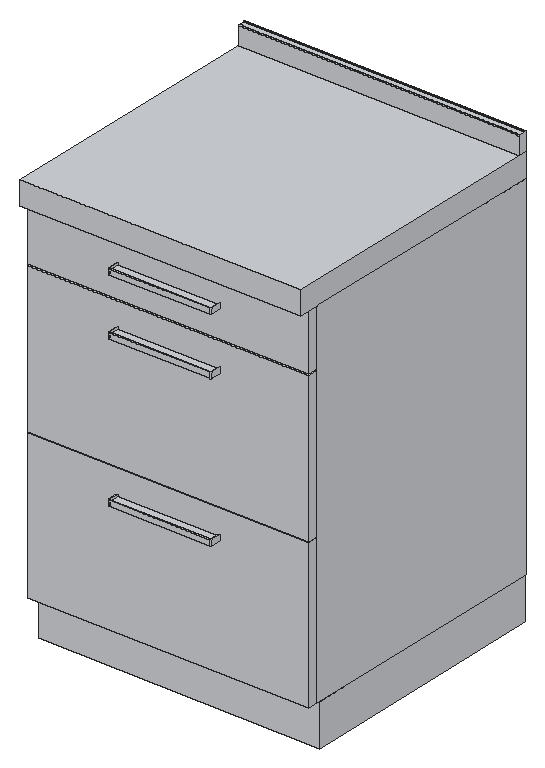
Revit family
Parameters (values of type "600 X 600 X 900mm")
  Top Material = none
  Material = none
  Handle Material = none
  Depth = 600 mm
  Height = 900 mm
  Width = 600 mm
  Assembly Code = ""
Types (4, lengths in mm): name | Width | Assembly Code
  (no name) | 600 | ""
  600 x 450 x 900mm | 450 | "C1030400"
  600 X 600 X 900mm | 600 | ""
  600 x 400 x 900mm | 400 | "C1030400"
Reference planes
  plane 1 "Back": y = 0
  plane 2: z = 0
  plane 3 "Center (Left/Right)": x = 44.7
  plane 4 "Front": y = -600
  plane 5 "Left": x = -255.3
  plane 6 "Right": x = 344.7
  plane 7 "Top": z = 900
  plane 8: z = 90
  plane 9: z = 850
  plane 10: z = 727
Forms (mm)
  Extrusion 1, solid
    sketch origin (0, 0, 0) x (1, 0, 0) y (0, 1, 0)
      loop
        line (-255.3, 0) -> (-255.3, -558) -> (-233.3, -558) -> (-233.3, -22) -> (322.7, -22) -> (322.7, -558) -> (344.7, -558) -> (344.7, 0) -> (-255.3, 0)
    from 90 to 850
  Extrusion 2, solid, material <- "Top Material"
    sketch origin (0, 0, 900) x (0, -1, 0) y (-1, 0, 0)
      loop
        line (0, 255.3) -> (0, -344.7) -> (600, -344.7) -> (600, 255.3) -> (0, 255.3)
    from 0 to 50
  Extrusion 3, solid, material <- "Material"
    sketch origin (0, 0, 900) x (0, -1, 0) y (-1, 0, 0)
      loop
        line (0.534, 255.3) -> (0.534, -344.7) -> (550.534, -344.7) -> (550.534, 255.3) -> (0.534, 255.3)
    from 810 to 900
  Sweep 4, solid, material <- "Top Material"
    path origin (0, 0, 900) x (0, -1, 0) y (1, 0, 0)
      loop
        line (0, 344.7) -> (0, -255.3)
    profile origin (44.7, 0, 0) x (0, -1, 0) y (0, 0, 1)
      loop
        line (0, 900) -> (15, 900) -> (15, 938)
        arc (15, 938) -> (14.414, 939.414) -> (13, 940) r 2
        line (13, 940) -> (1.504, 940) -> (1.504, 942.003) -> (0, 942.003) -> (0, 900)
  Extrusion 5, solid, material <- "Material"
    sketch origin (-255.3, -558, 850) x (0, 0, -1) y (1, 0, 0)
      loop
        line (0, 0) -> (120, 0) -> (120, 600) -> (0, 600) -> (0, 0)
      loop
        line (123, 0) -> (441.5, 0) -> (441.5, 600) -> (123, 600) -> (123, 0)
      loop
        line (443.5, 600) -> (443.5, 0) -> (760, 0) -> (760, 600) -> (443.5, 600)
    from 0 to 22
Dimensions and locks
  "Width": plane 6 "Right" to plane 5 "Left"
  equal spacing: plane 6 "Right", plane 3 "Center (Left/Right)", plane 5 "Left"
  "Depth": plane 4 "Front" to plane 1 "Back"
  "Height": level to plane 7 "Top"
  locked: Extrusion 1 sketch curve to Extrusion 1 sketch curve at 22  (x3)
  locked: plane 8 to level at 90
  plane 7 "Top" to plane 9 = 50 mm
  equal spacing: plane 5 "Left", nested 1, plane 6 "Right"
  plane 10 to plane 8 = 637 mm
  aligned and locked: Extrusion 1 sketch curve to plane 6 "Right"
  aligned and locked: plane 1 "Back" to Extrusion 1 sketch curve
  aligned and locked: plane 5 "Left" to Extrusion 1 sketch curve
  aligned and locked: Extrusion 1 to plane 9
  aligned and locked: plane 8 to Extrusion 1
Automatic sketch dimensions
  Extrusion 2 sketch curve to plane 1 "Back" = 0 mm
  Extrusion 2 sketch curve to plane 4 "Front" = 0 mm
  Extrusion 2 sketch curve to plane 5 "Left" = 0 mm
  Extrusion 2 sketch curve to plane 6 "Right" = 0 mm
  plane 1 "Back" to Extrusion 3 sketch curve = 0.534 mm
  Extrusion 3 sketch curve to plane 5 "Left" = 0 mm
  Extrusion 3 sketch curve to plane 6 "Right" = 0 mm
  Extrusion 3 sketch curve to plane 4 "Front" = 49.466 mm
  Sweep 4 sketch curve to plane 1 "Back" = 0 mm
  Sweep 4 sketch curve to plane 5 "Left" = 0 mm
  Sweep 4 sketch curve to plane 6 "Right" = 0 mm
  Sweep 4 sketch curve to profile plane = 0 mm  (x2)
  Sweep 4 sketch curve to profile plane = 1.504 mm
  Sweep 4 sketch curve to Sweep 4 sketch curve = 11.496 mm
  Sweep 4 sketch curve to profile plane = 15 mm
  profile plane to Sweep 4 sketch curve = 38 mm
  Sweep 4 sketch curve to Sweep 4 sketch curve = 2.003 mm
  Extrusion 1 sketch curve to plane 4 "Front" = 42 mm  (x2)
  Extrusion 5 sketch curve to plane 6 "Right" = 0 mm  (x3)
  Extrusion 5 sketch curve to plane 9 = 0 mm
  Extrusion 5 sketch curve to plane 5 "Left" = 0 mm  (x3)
  Extrusion 5 sketch curve to plane 10 = 0 mm
  Extrusion 5 sketch curve to plane 8 = 0 mm
  plane 10 to Extrusion 5 sketch curve = 3 mm
  Extrusion 5 sketch curve to Extrusion 5 sketch curve = 2 mm
  Extrusion 5 sketch curve to plane 8 = 318.5 mm
Nested families
  nested 1: "Casework Handle" at (319.577, -603, 787.18), type "220 x 23mm"
  nested 2: "Casework Handle" at (319.577, -603, 664.18), type "220 x 23mm"
  nested 3: "Casework Handle" at (319.577, -603, 343.68), type "220 x 23mm"
Definition of nested family "Casework Handle"
  Parameters (values of type "220 x 23mm")
    Material = none
  Reference planes
    plane 1 "Center (Front/Back)": y = 0
    plane 2: z = 0
    plane 3 "Center (Left/Right)": x = -274.877
    plane 4: x = -384.877
    plane 5: x = -164.877
    plane 6: y = 23
    plane 7: z = 12
  Forms (mm)
    Sweep 1, solid, material <- "Material"
      path origin (0, 0, 0) x (1, 0, 0) y (0, 1, 0)
        loop
          line (-384.877, 23) -> (-384.877, 2.5)
          arc (-384.877, 2.5) -> (-384.145, 0.732) -> (-382.377, 0) r 2.5
          line (-382.377, 0) -> (-167.377, 0)
          arc (-167.377, 0) -> (-165.609, 0.732) -> (-164.877, 2.5) r 2.5
          line (-164.877, 2.5) -> (-164.877, 23)
      profile origin (0, 12.75, 0) x (1, 0, 0) y (0, 0, 1)
        loop
          line (-384.877, 0) -> (-382.877, 0) -> (-382.877, 12) -> (-384.877, 12) -> (-384.877, 0)
    Extrusion 2, solid, material <- "Material"
      sketch origin (0, 0, 0) x (1, 0, 0) y (0, 1, 0)
        loop
          arc (-382.877, 2.5) -> (-382.731, 2.146) -> (-382.377, 2) r 0.5
          line (-382.377, 2) -> (-167.377, 2)
          arc (-167.377, 2) -> (-167.023, 2.146) -> (-166.877, 2.5) r 0.5
          line (-166.877, 2.5) -> (-166.877, 23) -> (-382.877, 23) -> (-382.877, 2.5)
      from 2.765 to 9.254
  Dimensions and locks
    equal spacing: plane 4, plane 3 "Center (Left/Right)", plane 5
